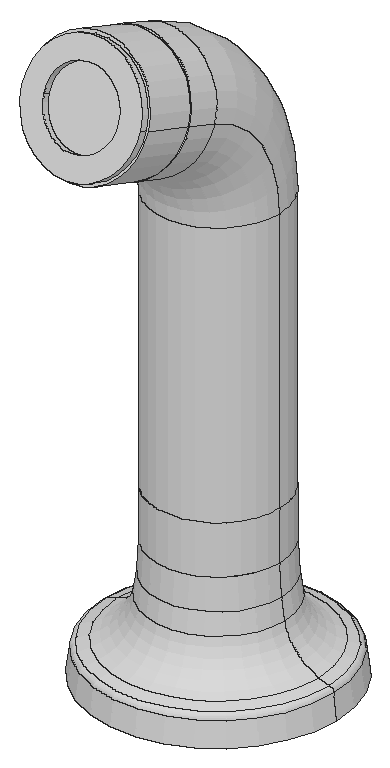
Revit family "Lixil-Grohe-Listra-Tub_Spout-106217_0", category Plumbing Fixtures, host Face, Revit 2023
Family settings
  Host = Face
  Round Connector Dimension = Use Diameter
  Part Type = Normal
  OmniClass Number = 23.45.55.17
  OmniClass Title = Mixing Faucets
  Enable Cutting in Views = Yes
  Cut with Voids When Loaded = No
  Maintain Annotation Orientation = No
  Shared = No
  Room Calculation Point = No
Parameters (values of type "Listra Tub Spout")
  Depth = 7 3/8"  # constant formula
  Width = 2 3/4"  # constant formula
  Waste Connection = 1 = 0  # no
  Warranty URL = "https://www.grohe.us/support/warranty"
  Version = "2023 - v1.0a"  # constant formula
  Vent Connection = 1 = 0  # no
  URL = "https://www.grohe.us"
  Support Phone = "224-699-9545"  # constant formula
  Support Email = "mailto:support@bimsmith.com"
  Product Page URL = "https://www.grohe.us"
  Product Name = "Listra Tub Spout"  # constant formula
  Product Documentation Link = "https://www.grohe.us"
  Model = "106217_0"
  Manufacturer Phone Number = "630-872-5570"  # constant formula
  Manufacturer Email = "https://www.grohe.us"
  Manufacturer Address = "https://www.grohe.us"
  Manufacturer = "LIXIL"  # constant formula
  Keynote = "22 40 00"
  Height [instance] = 3 5/8"  # constant formula
  HW Connection = 1 = 1  # yes
  Finish = Metal - Grohe - Chrome
  Description = "Tub Spout"  # constant formula
  Default Elevation = 0"  # constant formula
  Copyright = "©LIXIL® | All Rights Reserved"  # constant formula
  Collection = "Listra"  # constant formula
  CW Connection = 1 = 1  # yes
  Brand = "Grohe"  # constant formula
  Assembly Code = "D2010400"
Reference planes (in)
  plane 1 "Center (Front/Back)": y = 0
  plane 2: z = 0
  plane 3 "Center (Left/Right)": x = 0
Forms (in)
  Revolve 1, solid, material "Metal - Grohe - Chrome" <- "Finish"
    sketch origin (0, 0, 0) x (1, 0, 0) y (0, 0, 1)
      loop
        line (0, 1.96832) -> (-0.71875, 1.96832) -> (-0.71875, 1.40444)
        arc (-0.71875, 1.40444) -> (-0.72381, 1.23026) -> (-0.73897, 1.05667) r 3
        arc (-0.73897, 1.05667) -> (-0.7544, 0.93993) -> (-0.77338, 0.82371) r 3.86775
        arc (-0.77338, 0.82371) -> (-0.9082, 0.54245) -> (-1.1684, 0.37046) r 0.58492
        line (-1.1684, 0.37046) -> (-1.28999, 0.33095)
        arc (-1.28999, 0.33095) -> (-1.32526, 0.30716) -> (-1.34257, 0.26829) r 0.07717
        line (-1.34257, 0.26829) -> (-1.38027, 0) -> (0, 0) -> (0, 1.96832)
      axis (0, 1.96832) -> (0, 0)
    angle from 0 to 360
  Sweep 2, solid, material "Metal - Grohe - Chrome" <- "Finish"
    path origin (0, 0, 0) x (0, 1, 0) y (0, 0, 1)
      loop
        line (0.71875, 1.96832) -> (0.71875, 5.02385)
        arc (0.71875, 5.02385) -> (0.32472, 6.26275) -> (-0.71258, 7.04642) r 2.14469
        line (-0.71258, 7.04642) -> (-1.06844, 7.17193)
    profile origin (0, 0.71875, 3.49608) x (0, -1, 0) y (1, 0, 0)
      loop
        circle (0.71875, 0) r 0.71875
  Extrusion 3, solid, material "Metal - Grohe - Chrome" <- "Finish"
    sketch origin (0, -1.06844, 7.17193) x (1, 0, 0) y (0, 0.332618, 0.943062)
      loop
        circle (0, -0.71875) r 0.59375
    from 0 to 0.03472
  Extrusion 4, solid, material "Metal - Grohe - Chrome" <- "Finish"
    sketch origin (0, -1.10118, 7.18348) x (1, 0, 0) y (0, 0.332618, 0.943062)
      loop
        circle (0, -0.71875) r 0.71875
    from 0 to 0.59517
  Extrusion 5, solid, material "Metal - Grohe - Chrome" <- "Finish"
    sketch origin (0, -1.66246, 7.38144) x (1, 0, 0) y (0, 0.332618, 0.943062)
      loop
        circle (0, -0.71875) r 0.6875
      loop
        circle (0, -0.71875) r 0.4375
    from 0 to 0.0798
Dimensions and locks (in)
  aligned and locked: plane 2 to host face
  aligned and locked: level to host face
